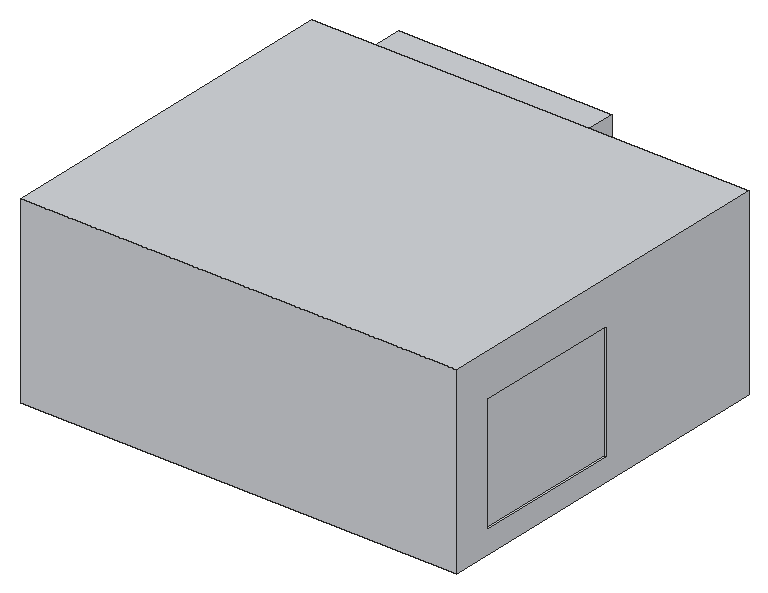
Revit family "M_Unidade terminal - Alimentação por ventilador - Controle digital", category Equipamento mecânico, Revit 2019
Family settings
  Cota do conector redondo = Usar raio
  Tipo de parte = Normal
  Número OmniClass = 23.75.70.21.24.14
  Título OmniClass = Variable Volume Air Terminal Units
  ID de item do Seek = Terminal Unit - Fan Powered - Digital Controlled-0000-CAN-ENU
  Com base no plano de trabalho = Não
  Sempre na vertical = Sim
  Corte com vazios quando carregada = Não
  Compartilhado = Não
  Ponto de cálculo do ambiente = Não
Parameters (values of type "Unidade tamanho 3")
  Largura = 918 mm
  Voltagem = 115 V
  Queda de pressão da unidade [instance] = 47.0 Pa
  Fluxo de ar de fornecimento [instance] = 425.0 L/s
  Fluxo de ar do ar primário [instance] = Fluxo de ar de fornecimento * 0.6  # 255.0 L/s
  Pólos = 1
  Classificação de carga = Refrigeração
  Carga = 840.0 VA
  Comprimento = 1038 mm
  Fluxo de ar do ar induzido [instance] = Fluxo de ar de fornecimento * 0.4  # 170.0 L/s
  Altura = 435 mm
  HP = 0.250 W
  Cota N = 73 mm
  Cota K = 102 mm
  Cota J = 279 mm
  Cota G = 89 mm
  Cota F = 356 mm
  Cota E = 368 mm
  Cota D Raio = Cota D Diâmetro / 2  # 100 mm
  Cota D Diâmetro = 200 mm
  Cota C = 337 mm
  Cota B = 218 mm
  Cota A = 152 mm
  Assembly Code = ""
Types (6, lengths in mm): name | Largura | Voltagem | Queda de pressão da unidade | Fluxo de ar de fornecimento | Fluxo de ar do ar primário | Pólos | Carga | Comprimento | Fluxo de ar do ar induzido | Altura | HP | Cota N | Cota K | Cota J | Cota G | Cota F | Cota E | Cota D Raio | Cota D Diâmetro | Cota C | Cota B | Cota A
  Unidade tamanho 2 | 918 | 115 V | 25.0 Pa | 236.0 L/s | 141.6 L/s | 1 | 480.0 VA | 1038 | 94.4 L/s | 435 | 0.167 W | 73 | 102 | 279 | 89 | 356 | 368 | 75 | 150 | 337 | 218 | 152
  Unidade tamanho 3 | 918 | 115 V | 47.0 Pa | 425.0 L/s | 255.0 L/s | 1 | 840.0 VA | 1038 | 170.0 L/s | 435 | 0.250 W | 73 | 102 | 279 | 89 | 356 | 368 | 100 | 200 | 337 | 218 | 152
  Unidade tamanho 4 | 918 | 115 V | 42.0 Pa | 613.0 L/s | 367.8 L/s | 1 | 1176.0 VA | 1038 | 245.2 L/s | 435 | 0.333 W | 124 | 102 | 279 | 89 | 356 | 368 | 125 | 250 | 337 | 218 | 178
  Unidade tamanho 5 | 1222 | 115 V | 40.0 Pa | 707.0 L/s | 424.2 L/s | 1 | 1200.0 VA | 1191 | 282.8 L/s | 511 | 0.333 W | 124 | 64 | 368 | 241 | 419 | 445 | 150 | 300 | 533 | 256 | 203
  Unidade tamanho 6 | 1222 | 115 V | 42.0 Pa | 944.0 L/s | 566.4 L/s | 1 | 1608.0 VA | 1191 | 377.6 L/s | 511 | 0.750 W | 124 | 64 | 368 | 241 | 419 | 445 | 175 | 350 | 533 | 256 | 254
  Unidade tamanho 7 | 1222 | 208 V | 37.33 Pa | 1133.0 L/s | 679.8 L/s | 3 | 1872.0 VA | 1191 | 453.2 L/s | 511 | 1.000 W | 124 | 64 | 368 | 241 | 419 | 445 | 200 | 400 | 533 | 256 | 279
Reference planes
  plane 1 "Centro (Frente/Trás)": y = 0
  plane 2: z = 0
  plane 3 "Centro (Esquerda/Direita)": x = 0
  plane 4 "Largura": y = 866.775
  plane 5 "Comprimento": x = -1038
  plane 6: z = 435
  plane 7: x = -1031.65
  plane 8: x = -6.35
  plane 9: y = 89
  plane 10: y = 445
  plane 11: z = 333
  plane 12: z = 54
  plane 13 "N": x = -958.65
  plane 14: x = -450.65
  plane 15: y = 1025.525
  plane 16: z = 217.5
  plane 17: z = 369.9
  plane 18: z = 65.1
  plane 19: y = 714.775
  plane 20: z = 218
  plane 21: x = -1123.725
  plane 22: y = 114.3
  plane 23: y = 451.3
  plane 24: z = 31.75
  plane 25: z = 399.75
  plane 26: y = 562.375
  plane 27: y = 867.175
  plane 28: y = 814.775
  plane 29: y = 614.775
Forms (mm)
  Extrusion 1, solid
    sketch origin (0, 0, 0) x (1, 0, 0) y (0, 1, 0)
      loop
        line (-1038, 866.775) -> (-1038, 0) -> (0, 0) -> (0, 866.775) -> (-1038, 866.775)
    from 0 to 435
  Extrusion 2, void
    sketch origin (0, 0, 0) x (0, 1, 0) y (0, 0, 1)
      loop
        line (89, 333) -> (89, 54) -> (445, 54) -> (445, 333) -> (89, 333)
    from 0 to -6.35
  Extrusion 3, solid
    sketch origin (101.8, 0, 0) x (1, 0, 0) y (0, 1, 0)
      loop
        line (-1060.45, 1025.525) -> (-1060.45, 866.775) -> (-552.45, 866.775) -> (-552.45, 1025.525) -> (-1060.45, 1025.525)
    from 65.1 to 369.9
  Extrusion 4, solid
    sketch origin (0, 0, 0) x (0, 1, 0) y (0, 0, 1)
      loop
        circle (714.775, 218) r 100
    from -1123.725 to -1038
  Extrusion 5, void
    sketch origin (0, 0, 0) x (0, 1, 0) y (0, 0, 1)
      loop
        line (451.3, 399.75) -> (114.3, 399.75) -> (114.3, 31.75) -> (451.3, 31.75) -> (451.3, 399.75)
    from -1038 to -1031.65
Cuts and joins
  Extrusion 2, Extrusion 5 cuts Extrusion 1
Lines and regions (mm)
  model lines
    curve 1: line (-958.65, 866.775, 0) -> (-450.65, 866.775, 0)
    curve 2: line (-1038, 451.3, 0) -> (-1038, 114.3, 0)
    curve 3: line (0, 445, 0) -> (0, 89, 0)
  symbolic lines
    curve 4: line (-1123.725, 814.775, 0) -> (-1123.725, 614.775, 0)
Dimensions and locks
  "Comprimento": plane 5 "Comprimento" to plane 3 "Centro (Esquerda/Direita)"
  plane 4 "Largura" to plane 1 "Centro (Frente/Trás)" = 866.775 mm
  "Altura": plane 6 to level
  locked: plane 5 "Comprimento" to plane 7 at 6.35
  locked: plane 8 to plane 3 "Centro (Esquerda/Direita)" at 6.35
  "Cota G": plane 1 "Centro (Frente/Trás)" to plane 9
  "Cota F": plane 9 to plane 10
  "Cota K": plane 6 to plane 11
  "Cota J": plane 11 to plane 12
  "Cota N": plane 7 to plane 13 "N"
  locked: plane 13 "N" to plane 14 at 508
  locked: plane 15 to plane 4 "Largura" at 158.75
  equal spacing: plane 6, plane 16, level
  equal spacing: plane 17, plane 16, plane 18
  locked: plane 17 to plane 18 at 304.8
  "Cota A": plane 4 "Largura" to plane 19
  "Cota B": plane 20 to level
  locked: plane 21 to plane 5 "Comprimento" at 85.725
  locked: plane 22 to plane 1 "Centro (Frente/Trás)" at 114.3
  "Cota C": plane 23 to plane 22
  locked: plane 24 to level at 31.75
  "Cota E": plane 25 to plane 24
  equal spacing: plane 27, plane 19, plane 26
  plane 27 to plane 26 = 304.8 mm
  equal spacing: plane 28, plane 19, plane 29
  "Cota D Diâmetro": plane 28 to plane 29
  "Cota D Raio": radius of Extrusion 4 sketch curve
  aligned and locked: plane 5 "Comprimento" to Extrusion 1 sketch curve
  aligned and locked: Extrusion 1 sketch curve to plane 4 "Largura"
  aligned and locked: plane 1 "Centro (Frente/Trás)" to Extrusion 1 sketch curve
  aligned and locked: Extrusion 1 sketch curve to plane 3 "Centro (Esquerda/Direita)"
  aligned and locked: plane 6 to Extrusion 1
  aligned and locked: plane 9 to Extrusion 2 sketch curve
  aligned and locked: Extrusion 2 sketch curve to plane 11
  aligned and locked: plane 12 to Extrusion 2 sketch curve
  aligned and locked: Extrusion 2 sketch curve to plane 10
  aligned and locked: Extrusion 2 to plane 8
  aligned and locked: plane 13 "N" to Extrusion 3 sketch curve
  aligned and locked: Extrusion 3 sketch curve to plane 15
  aligned and locked: plane 4 "Largura" to Extrusion 3 sketch curve
  aligned and locked: Extrusion 3 sketch curve to plane 14
  aligned and locked: plane 17 to Extrusion 3
  aligned and locked: plane 18 to Extrusion 3
  aligned and locked: Extrusion 4 to plane 21
  aligned and locked: Extrusion 4 to cut or joined group of Extrusion 1, Extrusion 2, Extrusion 5
  aligned and locked: plane 23 to Extrusion 5 sketch curve
  aligned and locked: plane 25 to Extrusion 5 sketch curve
  aligned and locked: plane 24 to Extrusion 5 sketch curve
  aligned and locked: plane 22 to Extrusion 5 sketch curve
  aligned and locked: cut or joined group of Extrusion 1, Extrusion 2, Extrusion 5 to cut or joined group of Extrusion 1, Extrusion 2, Extrusion 5
  aligned and locked: plane 7 to cut or joined group of Extrusion 1, Extrusion 2, Extrusion 5
  aligned and locked: curve 1 to Extrusion 3
  aligned and locked: plane 14 to Extrusion 3
  aligned and locked: plane 13 "N" to Extrusion 3
  aligned and locked: cut or joined group of Extrusion 1, Extrusion 2, Extrusion 5 to curve 2
  aligned and locked: plane 23 to curve 2
  aligned and locked: plane 22 to curve 2
  aligned and locked: cut or joined group of Extrusion 1, Extrusion 2, Extrusion 5 to plane 8
  aligned and locked: curve 3 to cut or joined group of Extrusion 1, Extrusion 2, Extrusion 5  (x2)
  aligned and locked: plane 9 to curve 3
  aligned and locked: curve 4 to plane 21
  aligned and locked: plane 28 to curve 4
  aligned and locked: plane 29 to curve 4
Automatic sketch dimensions
  Extrusion 4 sketch curve to plane 19 = 0 mm
  Extrusion 4 sketch curve to plane 20 = 0 mm
  curve 1 to plane 13 "N" = 0 mm
  curve 1 to plane 14 = 0 mm
Connectors
  electrical at (-704.65, 946.15, 369.9), driven by "Carga", driven by "Carga", driven by "Voltagem", driven by "Pólos", driven by "Classificação de carga"
    settings: on Extrusion 3, index 1, voltage 115 V, apparent load 840.0 VA, apparent load phase1 840.0 VA, apparent load phase2 0.0 VA, apparent load phase3 0.0 VA, power factor 0.8, load classification "Refrigeração", number of poles 1, system type 31, power factor state 1, is connector primary yes, connector utility no, sub classification motor no, connector description ""
  hvac at (-1123.725, 714.775, 218), driven by "Fluxo de ar do ar primário", driven by "Cota D Raio"
    settings: on Extrusion 4, index 2, duct flow 255.0 L/s, flow factor 0, pres drop 0.0 Pa, loss coef 0, conn angle 0.00°, conn width 304.8 mm, conn height 304.8 mm, conn diameter 200 mm, duct sys type 1, conn prof type 0, flow config 0, flow direction 1, loss method 4, conn ref index -1, conn util no, is conn primary yes, conn desc ""
  hvac at (-1031.65, 282.8, 215.75), driven by "Fluxo de ar do ar induzido"
    settings: on cut or joined group of Extrusion 1, Extrusion 2, Extrusion 5, index 3, duct flow 170.0 L/s, flow factor 0, pres drop 0.0 Pa, loss coef 0, conn angle 0.00°, conn width 304.8 mm, conn height 304.8 mm, conn diameter 609.6 mm, duct sys type 2, conn prof type 1, flow config 0, flow direction 1, loss method 4, conn ref index -1, conn util no, is conn primary no, conn desc ""
  hvac at (-6.35, 267, 193.5), driven by "Fluxo de ar de fornecimento", driven by "Queda de pressão da unidade"
    settings: on cut or joined group of Extrusion 1, Extrusion 2, Extrusion 5, index 4, duct flow 425.0 L/s, flow factor 0, pres drop 47.0 Pa, loss coef 0, conn angle 0.00°, conn width 304.8 mm, conn height 304.8 mm, conn diameter 609.6 mm, duct sys type 1, conn prof type 1, flow config 0, flow direction 2, loss method 4, conn ref index -1, conn util no, is conn primary no, conn desc ""
